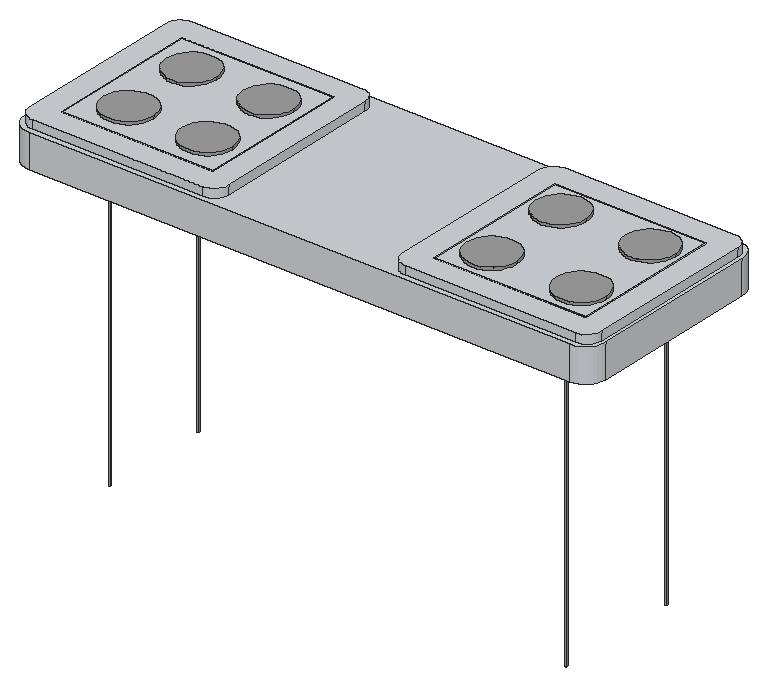
Revit family "Lighting-Industrial-GEWISS-SMART[4]HACCP_HIGHBAYS-LED_2M_DALI", category Apparecchi per illuminazione, Revit 2019
Family settings
  Quota connettore circolare = Usa diametro
  Tipo di parte = Normale
  Numero OmniClass = 23.80.70.00
  Titolo OmniClass = Lighting
  Basato su piano di lavoro = Sì
  Sempre verticale = No
  Taglio con vuoti quando caricato = No
  Sorgente d'illuminazione = No
  Condiviso = No
  Punto di calcolo locali = No
Parameters (values of type "GWS4221HQ857 - SMART4HB 2M ST.AL.DALI HACCP ELL.57K")
  Wiring = "With GW connect watertight connector"
  Weight (kg): = "6,5"
  Warranty = "5 years"
  Voltaggio = 230 V
  Version file RFA = "20.11"
  Unique digital code (Datamatrix) = "Datamatrix"
  Unified Glare Rating = "-"
  URL = "https://www.gewiss.com/ww/en"
  Type of light source = "LED - Not replaceable"
  Tilt- = "With bracket accessory"
  Technical sheet = "https://www.gewiss.com/ww/en/search?q=GWS4221HQ857"
  System power = "125W"
  Supply voltage = "220 - 240 V"
  Stocking temperature = "-40 +70 °C"
  Standards and approvals = "-"
  Standard- = "EN 60598-1 ; EN 60598-2-1 ; EN 60598-2-24"
  Standard Deviation Colour Matching = "SDCM = 3"
  Spostamento_y_etichetta [instance] = 0 mm
  Spostamento_y_effettivo_etichetta [instance] = 1500 mm - Spostamento_y_etichetta  # 1500 mm
  Spostamento_x_etichetta [instance] = 0 mm
  Spostamento_X_effettivo_etichetta [instance] = 1500 mm - Spostamento_x_etichetta  # 1500 mm
  Shock resistance = "IK07"
  Shield type = "PMMA"
  SEO = "High bay"
  Realized by GEWISS S.p.A. = ""
  Rated frequency (Hz) = "50/60 Hz"
  Produttore = "GEWISS S.p.A."
  Photobiological Risk Class = "RG0"
  Overvoltage protection = "DM 6 kV / CM 10 kV"
  Optic and illuminating features = "-"
  Optic Maintenance = "Non-replaceable"
  Optic : = "Metallic PC reflector and PMMA lenses"
  Optic = "Elliptical"
  Operating temperature : = "-30 +50 °C"
  Offset etichetta W [instance] = 150 mm
  Mouting and installation = "Ceiling - Wallmounting - Suspension"
  Modello = "GWS4221HQ857"
  Maximum surface exposed to the wind : = "0,184 m²"
  Materials = "-"
  Luminaire = "LED Industrial Reflector "
  Lumen output (lm) = "16000"
  Locking Hook = "-"
  Lifetime = "L90B10 (Tq+25°C) = 100.000 h - L90B10 (Tq+50°C) = 50.000 h"
  Lampada = "LED"
  LED Maintenance = "Non-replaceable"
  Insulation class = "I"
  Installationa and maintenance = "-"
  Immagine tipo = GWL1311.jpg
  IPEA = "-"
  IP degree = "IP65"
  IFC.TypeObject = ""
  IFC.ExportType = ""
  IFC.ExportAs = ""
  IDT = "7d5106054cfa4eef80397f6cce8cd301"
  IDF = "439ecabb-9b28-40b0-99b0-2bf4cd2e42f0"
  Glow Wire Test : = "650 °C"
  General information = "-"
  Gasket = "anti-aging silicone"
  Fixing = "-"
  External screw = "Stainless steel"
  Etichetta wattaggio [instance] = yes
  Trasformatore = none
  Struttura plafoniera = none
  Spessore plafoniera = 40 mm  # constant formula
  Default Elevation = 1219.2 mm  # constant formula
  Proiettsmart2_simb [instance] = yes
  Plafoniera bidimensionale [instance] = not(Proiettsmart2_simb)  # no
  Eletrical and lighting features = "-"
  Electrocod = "2444"
  Efficiency (lm/W) = "128"
  Driver Box = "Built-in"
  Driver = "Included"
  Device with reduced surface temperature = "Yes"
  Descrizione = "SMART[4]HB 2M ST.AL.DALI HACCP ELL.57K"
  DIN 18032-3 certification = "-"
  Control System : = "DALI"
  Control System = "1 x DALI DT6"
  Context = "Lighting of logistical and industrial food productive premises"
  Commenti sul wattaggio = "97W"
  Colour temperature = "5700K"
  Colour : = "Grey RAL 7035"
  Colour = "Grey RAL 7035"
  Color Rendering Index = "CRI-80"
  Classificazione = Lighting
  Classification: = "-"
  Catalogue = "LIGHTING"
  Carico apparente = 97 VA
  Motore = none
  Mascherina = none
  Lunghezza = 699 mm  # constant formula
  Larghezza = 254 mm  # constant formula
  Distanza_tot_plafoniera [instance] = 350 mm
  Dist_sorg_lum = 10 mm  # constant formula
  COBie.Tagnumber = ""
  COBie.CreatedOn = ""
  COBie.CreatebBy = ""
  COBie.ComponentRegisterItemID = ""
  COBie.Component.TagNumber = ""
  COBie.Component.Space = ""
  COBie.Component.SerialNumber = ""
  COBie.Component.InstallationDate = ""
  COBie.Component.Description = ""
  COBie.Component.BarCode = ""
  Body = "PA6 \"Halogen Free\" loaded fibreglass"
  Application = "Internal"
Types (12, lengths in mm): name | Unified Glare Rating | Technical sheet | SEO | Optic : | Optic | Modello | Lumen output (lm) | IDT | Efficiency (lm/W) | Descrizione | Colour temperature
  GWS4221HA840 - SMART4HB 2M ST.AL.DALI HACCP ARR.40K | "-" | "https://www.gewiss.com/ww/en/search?q=GWS4221HA840" | "" | "Metallized polycarbonate reflector" | "Array" | "GWS4221HA840" | "18000" | "e30d837cfd0e4d15882772b89dad54bb" | "144" | "SMART[4]HB 2M ST.AL.DALI HACCP ARR.40K" | "4000K"
  GWS4221HA857 - SMART4HB 2M ST.AL.DALI HACCP ARR.57K | "-" | "https://www.gewiss.com/ww/en/search?q=GWS4221HA857" | "" | "Metallized polycarbonate reflector" | "Array" | "GWS4221HA857" | "18000" | "c95bac9ec8dc47b6a4e4a8a1bb66e7ca" | "144" | "SMART[4]HB 2M ST.AL.DALI HACCP ARR.57K" | "5700K"
  GWS4221HC840 - SMART4HB 2M ST.AL.DALI HACCP ASI.40K | "-" | "https://www.gewiss.com/ww/en/search?q=GWS4221HC840" | "High bay" | "Metallic PC reflector and PMMA lenses" | "Asymmetrical" | "GWS4221HC840" | "16000" | "c45cc6731da044f98a9e028ac9b02b34" | "128" | "SMART[4]HB 2M ST.AL.DALI HACCP ASI.40K" | "4000K"
  GWS4221HC857 - SMART4HB 2M ST.AL.DALI HACCP ASI.57K | "-" | "https://www.gewiss.com/ww/en/search?q=GWS4221HC857" | "High bay" | "Metallic PC reflector and PMMA lenses" | "Asymmetrical" | "GWS4221HC857" | "16000" | "4eac705f472943f2867cfaae384594de" | "128" | "SMART[4]HB 2M ST.AL.DALI HACCP ASI.57K" | "5700K"
  GWS4221HF840 - SMART4HB 2M ST.AL.DALI HACCP 30° 40K | "UGR - 19" | "https://www.gewiss.com/ww/en/search?q=GWS4221HF840" | "" | "Metallic PC reflector and PMMA lenses" | "30°" | "GWS4221HF840" | "17600" | "c9c9f180ebac49d9937d1f6da622c7b8" | "141" | "SMART[4]HB 2M ST.AL.DALI HACCP 30° 40K" | "4000K"
  GWS4221HF857 - SMART4HB 2M ST.AL.DALI HACCP 30° 57K | "UGR - 19" | "https://www.gewiss.com/ww/en/search?q=GWS4221HF857" | "" | "Metallic PC reflector and PMMA lenses" | "30°" | "GWS4221HF857" | "17600" | "eadd7321507a4953bc48d61854828d81" | "141" | "SMART[4]HB 2M ST.AL.DALI HACCP 30° 57K" | "5700K"
  GWS4221HH840 - SMART4HB 2M ST.AL.DALI HACCP 60° 40K | "UGR - 22" | "https://www.gewiss.com/ww/en/search?q=GWS4221HH840" | "" | "Metallic PC reflector and PMMA lenses" | "60°" | "GWS4221HH840" | "17700" | "863b2e9731ed4d29b9f0fdc8f450deef" | "142" | "SMART[4]HB 2M ST.AL.DALI HACCP 60° 40K" | "4000K"
  GWS4221HH857 - SMART4HB 2M ST.AL.DALI HACCP 60° 57K | "UGR - 22" | "https://www.gewiss.com/ww/en/search?q=GWS4221HH857" | "" | "Metallic PC reflector and PMMA lenses" | "60°" | "GWS4221HH857" | "17700" | "126ea5b17bf74ce49efbad90acfb1c6c" | "142" | "SMART[4]HB 2M ST.AL.DALI HACCP 60° 57K" | "5700K"
  GWS4221HP840 - SMART4HB 2M ST.AL.DALI HACCP 90° 40K | "UGR - 25" | "https://www.gewiss.com/ww/en/search?q=GWS4221HP840" | "" | "Metallic PC reflector and PMMA lenses" | "90°" | "GWS4221HP840" | "18000" | "d82b0bb9246f41369261402105558115" | "144" | "SMART[4]HB 2M ST.AL.DALI HACCP 90° 40K" | "4000K"
  GWS4221HP857 - SMART4HB 2M ST.AL.DALI HACCP 90° 57K | "UGR - 25" | "https://www.gewiss.com/ww/en/search?q=GWS4221HP857" | "" | "Metallic PC reflector and PMMA lenses" | "90°" | "GWS4221HP857" | "18000" | "919626eb6ec74e32b98b29975c90b37f" | "144" | "SMART[4]HB 2M ST.AL.DALI HACCP 90° 57K" | "5700K"
  GWS4221HQ840 - SMART4HB 2M ST.AL.DALI HACCP ELL.40K | "-" | "https://www.gewiss.com/ww/en/search?q=GWS4221HQ840" | "High bay" | "Metallic PC reflector and PMMA lenses" | "Elliptical" | "GWS4221HQ840" | "16000" | "03fcb56f86634e3cbd4712405ea70b25" | "128" | "SMART[4]HB 2M ST.AL.DALI HACCP ELL.40K" | "4000K"
  GWS4221HQ857 - SMART4HB 2M ST.AL.DALI HACCP ELL.57K | "-" | "https://www.gewiss.com/ww/en/search?q=GWS4221HQ857" | "High bay" | "Metallic PC reflector and PMMA lenses" | "Elliptical" | "GWS4221HQ857" | "16000" | "7d5106054cfa4eef80397f6cce8cd301" | "128" | "SMART[4]HB 2M ST.AL.DALI HACCP ELL.57K" | "5700K"
Reference planes
  plane 1 "Asse sorgente illuminazione (F/B)": y = 0
  plane 2: z = 0
  plane 3 "Asse sorgente illuminazione (L/R)": x = 0
  plane 4 "Prospetto sorgente di illuminazione": z = 1500
  plane 5: x = -349.5
  plane 6: y = 127
  plane 7: x = 349.5
  plane 8: y = -127
  plane 9: x = 344.5
  plane 10: x = -344.5
  plane 11: x = -104.5
  plane 12: x = 104.5
  plane 13: y = -1500
  plane 14: z = 390
  plane 15: z = 390
  plane 16: z = 400
  plane 17: z = 350
  plane 18: y = 0
  plane 19: x = -1500
  plane 20: x = 0
Dimensions and locks
  equal spacing: plane 6, plane 1 "Asse sorgente illuminazione (F/B)", plane 8
  "Larghezza": plane 6 to plane 8
  equal spacing: plane 5, plane 3 "Asse sorgente illuminazione (L/R)", plane 7
  "Lunghezza": plane 5 to plane 7
  locked: plane 5 to plane 10 at 5
  locked: plane 9 to plane 7 at 5
  locked: plane 16 to plane 14 at 10
  locked: plane 15 to plane 17 at 40
  "Distanza_tot_plafoniera": plane 17 to plane 2
  plane 1 "Asse sorgente illuminazione (F/B)" to plane 13 = 1500 mm
  "Spostamento_y_effettivo_etichetta": plane 18 to plane 13
  plane 19 to plane 3 "Asse sorgente illuminazione (L/R)" = 1500 mm
  "Spostamento_X_effettivo_etichetta": plane 19 to plane 20
  aligned and locked: level to plane 2
  aligned and locked: nested 15 to plane 14
  aligned and locked: plane 14 to nested 16
  aligned and locked: plane 16 to nested 8
  aligned and locked: nested 6 to plane 16
  aligned and locked: plane 16 to nested 7
  aligned and locked: nested 5 to plane 16
  aligned and locked: nested 3 to plane 16
  aligned and locked: plane 16 to nested 1
  aligned and locked: nested 4 to plane 16
  aligned and locked: plane 16 to nested 2
  aligned and locked: nested 11 to plane 2  (x2)
  aligned and locked: nested 10 to plane 2
  aligned and locked: nested 9 to plane 2
  aligned and locked: plane 14 to plane 15
  aligned and locked: plane 17 to nested 14
  aligned and locked: nested 17 to plane 18
  aligned and locked: nested 17 to plane 20
  aligned and locked: plane 2 to nested 18
  aligned and locked: plane 2 to nested 11
Nested families
  nested 1: "Gewis - Led" at (171.717, 52, 403), type "Gewis - Led", detail levels medium+fine
  nested 2: "Gewis - Led" at (279.5, 52, 403), type "Gewis - Led", detail levels medium+fine
  nested 3: "Gewis - Led" at (171.717, -52, 403), type "Gewis - Led", detail levels medium+fine
  nested 4: "Gewis - Led" at (279.5, -52, 403), type "Gewis - Led", detail levels medium+fine
  nested 5: "Gewis - Led" at (-174.5, 45, 403) x (-1, 0, 0) z (0, 0, 1), type "Gewis - Led", detail levels medium+fine
  nested 6: "Gewis - Led" at (-269.5, 47.625, 403) x (-1, 0, 0) z (0, 0, 1), type "Gewis - Led", detail levels medium+fine
  nested 7: "Gewis - Led" at (-174.5, -47.089, 403) x (-1, 0, 0) z (0, 0, 1), type "Gewis - Led", detail levels medium+fine
  nested 8: "Gewis - Led" at (-269.5, -47.089, 403) x (-1, 0, 0) z (0, 0, 1), type "Gewis - Led", detail levels medium+fine
  nested 9: "Sospensione_ SMART LAB 4" at (274.838, 81.5, 0), Altezza sospensione <- "Distanza_tot_plafoniera", type "Sospensione_ SMART LAB 4"
    with Altezza sospensione 350 mm, Default Elevation 350 mm
  nested 10: "Sospensione_ SMART LAB 4" at (274.838, -69, 0), Altezza sospensione <- "Distanza_tot_plafoniera", type "Sospensione_ SMART LAB 4"
    with Altezza sospensione 350 mm, Default Elevation 350 mm
  nested 11: "Sospensione_ SMART LAB 4" at (-276.662, -66.5, 0), Altezza sospensione <- "Distanza_tot_plafoniera", type "Sospensione_ SMART LAB 4"
    with Altezza sospensione 350 mm, Default Elevation 350 mm
  nested 12: "PROIETTSMART - 2" at (0, 0, 0), visible <- "Proiettsmart2_simb", type "PROIETTSMART - 2"
  nested 13: "Rappr_ bidimensionale_SMART (4)  4 + 4 L " at (0, 0, 0), visible <- "Plafoniera bidimensionale", type "SMART (4)  4 + 4 L_bidimensionale "
  nested 14: "Struttura_SMART 4" at (0, 0, 390), type "SMART 4 HB - 4+4L"
  nested 15: "mascherina_SMART (4)" at (-224.5, 0, 400) x (-1, 0, 0) z (0, 0, 1), type "Maschera_smart (4) 4L", detail levels fine
  nested 16: "mascherina_SMART (4)" at (224.5, 0, 400), type "Maschera_smart (4) 4L", detail levels fine
  nested 17: "ETICHETTA LIGHT" at (0, 0, 0), type "ETICHETTA LIGHT"
  nested 18: "Sospensione_ SMART LAB 4" at (-276.662, 66.5, 0), Altezza sospensione <- "Distanza_tot_plafoniera", type "Sospensione_ SMART LAB 4"
    with Altezza sospensione 350 mm, Default Elevation 350 mm
Connectors
  electrical at (0.009, -0.098, 350), driven by "Carico apparente"
    settings: on nested 14, index 1, voltage 230 V, apparent load 0 VA, apparent load phase1 97 VA, apparent load phase2 0 VA, apparent load phase3 0 VA, power factor 1, load classification "Lighting", number of poles 2, system type 31, power factor state 1, is connector primary yes, connector utility no, sub classification motor no, connector description ""
Definition of nested family "Gewis - Led"
  Parameters (values of type "Gewis - Led")
    Vetro = none
    Raggio led = 30 mm
    Default Elevation = 1219.2 mm
    Estensione vetro = 3 mm
  Reference planes
    plane 1 "Centro (Fronte/Retro)": y = 0
    plane 2: z = 0
    plane 3 "Centro (Sinistra/Destra)": x = 0
  Forms (mm)
    Extrusion 1, solid, material <- "Vetro"
      sketch origin (0, 0, 0) x (1, 0, 0) y (0, 1, 0)
        loop
          circle (0, 0) r 30
      from -3 to 0
  Dimensions and locks
    "Estensione vetro": level to Extrusion 1
    "Raggio led": radius of Extrusion 1 sketch curve
    aligned and locked: level to plane 2
    aligned and locked: level to Extrusion 1
  Automatic sketch dimensions
    plane 1 "Centro (Fronte/Retro)" to Extrusion 1 sketch curve = 0 mm
    Extrusion 1 sketch curve to plane 3 "Centro (Sinistra/Destra)" = 0 mm
Definition of nested family "Sospensione_ SMART LAB 4"
  Parameters (values of type "Sospensione_ SMART LAB 4")
    Default Elevation = 400 mm
    Altezza sospensione [instance] = 500 mm
  Reference planes
    plane 1 "Center (Front/Back)": y = 0
    plane 2: z = 0
    plane 3 "Center (Left/Right)": x = 0
    plane 4: z = 500
    plane 5: z = 30.7
  Forms (mm)
    Extrusion 1, solid
      sketch origin (0, 0, 0) x (1, 0, 0) y (0, 1, 0)
        loop
          circle (0, -0.028) r 1.25
      from 0 to 500
  Lines and regions (mm)
    model lines, not visible
      curve 1: line (0, 0, 0) -> (0, 0, 9.482)
  Dimensions and locks
    "Altezza sospensione": plane 4 to level
    plane 2 to plane 4 = 500 mm
    aligned and locked: level to plane 2
    aligned and locked: Extrusion 1 to plane 2
    aligned and locked: plane 4 to Extrusion 1
  Automatic sketch dimensions
    Extrusion 1 sketch curve to plane 3 "Center (Left/Right)" = 0 mm
    plane 1 "Center (Front/Back)" to Extrusion 1 sketch curve = 0.028 mm
    curve 1 to plane 3 "Center (Left/Right)" = 0 mm
    curve 1 to level = 0 mm
    curve 1 to curve 1 = 9.482 mm
    radius of Extrusion 1 sketch curve = 1.25 mm
Definition of nested family "Struttura_SMART 4"
  Parameters (values of type "SMART 4 HB - 4+4L")
    Struttura plafoniera = none
    Spessore_plafoniera = 40 mm
    Lunghezza = 699 mm
    Larghezza = 254 mm
  Types (2, lengths in mm): name | Lunghezza | Larghezza
    SMART Lab (4) 4L | 383 | 253
    SMART 4 HB - 4+4L | 699 | 254
  Reference planes
    plane 1 "Asse sorgente illuminazione (F/B)": y = 0
    plane 2: z = 0
    plane 3 "Asse sorgente illuminazione (L/R)": x = 0
    plane 4 "Prospetto sorgente di illuminazione": z = -40
    plane 5 "SX": x = -349.5
    plane 6 "DX": x = 349.5
    plane 7 "DIETRO": y = 127
    plane 8 "AVANTI": y = -127
    plane 9: x = 106.5
    plane 10: x = 338.5
    plane 11: y = -116
    plane 12: y = 116
    plane 13: x = -338.5
    plane 14: x = -106.5
  Forms (mm)
    Extrusion 1, solid, material <- "Struttura plafoniera"
      sketch origin (0, 0, 0) x (1, 0, 0) y (0, 1, 0)
        loop
          line (349.5, -102.595) -> (349.5, 102.59)
          arc (349.5, 102.59) -> (342.35, 119.85) -> (325.09, 127) r 24.41
          line (325.09, 127) -> (-325.009, 127)
          arc (-325.009, 127) -> (-342.554, 119.6) -> (-349.5, 101.871) r 24.499
          line (-349.5, 101.871) -> (-349.5, -102.592)
          arc (-349.5, -102.592) -> (-342.351, -119.851) -> (-325.092, -127) r 24.408
          line (-325.092, -127) -> (325.117, -127)
          arc (325.117, -127) -> (342.334, -119.868) -> (349.465, -102.652) r 24.348
      from -40 to 0
  Dimensions and locks
    equal spacing: plane 5 "SX", plane 3 "Asse sorgente illuminazione (L/R)", plane 6 "DX"
    equal spacing: plane 7 "DIETRO", plane 1 "Asse sorgente illuminazione (F/B)", plane 8 "AVANTI"
    "Lunghezza": plane 5 "SX" to plane 6 "DX"
    "Larghezza": plane 7 "DIETRO" to plane 8 "AVANTI"
    locked: plane 7 "DIETRO" to plane 12 at 11
    locked: plane 11 to plane 8 "AVANTI" at 11
    locked: plane 10 to plane 6 "DX" at 11
    locked: plane 9 to plane 10 at 232
    plane 13 to plane 14 = 232 mm
    locked: plane 5 "SX" to plane 13 at 11
    "Spessore_plafoniera": plane 2 to plane 4 "Prospetto sorgente di illuminazione"
    aligned and locked: level to plane 2
    aligned and locked: Extrusion 1 to plane 5 "SX"
    aligned and locked: Extrusion 1 to plane 8 "AVANTI"  (x2)
    aligned and locked: plane 7 "DIETRO" to Extrusion 1
    aligned and locked: plane 6 "DX" to Extrusion 1
    aligned and locked: plane 4 "Prospetto sorgente di illuminazione" to Extrusion 1
    aligned and locked: plane 2 to Extrusion 1
  Automatic sketch dimensions
    Extrusion 1 sketch curve to plane 5 "SX" = 0 mm
    Extrusion 1 sketch curve to plane 8 "AVANTI" = 0 mm
    Extrusion 1 sketch curve to plane 7 "DIETRO" = 0 mm
    Extrusion 1 sketch curve to plane 6 "DX" = 0 mm
    plane 13 to Extrusion 1 sketch curve = 13.408 mm
    plane 13 to Extrusion 1 sketch curve = 13.491 mm
    Extrusion 1 sketch curve to plane 10 = 13.41 mm
    Extrusion 1 sketch curve to plane 10 = 13.383 mm
    plane 11 to Extrusion 1 sketch curve = 13.348 mm
    Extrusion 1 sketch curve to plane 12 = 14.129 mm
    Extrusion 1 sketch curve to Extrusion 1 sketch curve = 0.056 mm
Definition of nested family "mascherina_SMART (4)"
  Parameters (values of type "Maschera_smart (4) 4L")
    Spessore_mascherina = 10 mm
    Default Elevation = 1219.2 mm
    N.intarsi = (Lunghezza_mascherina - (Bordo * 2)) / 15 mm  # 12
    N._intarsi verticale = (Larghezza_mascherina - (Bordo * 2)) / 17 mm  # 11
    Mascherina = none
    Lunghezza_mascherina = 240 mm
    Larghezza_mascherina = 240 mm
    Distanza_intarsi v. = 41 mm  # constant formula
    Distanza_intarsi = 37 mm  # constant formula
    Bordo = 29 mm
  Reference planes
    plane 1 "Centro (Fronte/Retro)": y = 0
    plane 2: z = 0
    plane 3 "Centro (Sinistra/Destra)": x = 0
    plane 4: x = -120
    plane 5 "Dietro": y = 120
    plane 6: x = 120
    plane 7: y = -120
    plane 8: x = -91
    plane 9: y = -91
    plane 10: x = 91
    plane 11: y = 91
    plane 12: x = -83
    plane 13: y = 94.742
    plane 14: y = -95
    plane 15: z = -10
    plane 16: x = -95
    plane 17: y = 79
    plane 18: y = -79
    plane 19: x = 95
    plane 20: z = -4.799
  Forms (mm)
    Extrusion 1, solid, material <- "Mascherina"
      sketch origin (0, 0, 0) x (1, 0, 0) y (0, 1, 0)
        loop
          arc (-102.5, 120) -> (-114.874, 114.874) -> (-120, 102.5) r 17.5
          line (-120, 102.5) -> (-120, -102.5)
          arc (-120, -102.5) -> (-114.874, -114.874) -> (-102.5, -120) r 17.5
          line (-102.5, -120) -> (102.5, -120)
          arc (102.5, -120) -> (114.874, -114.874) -> (120, -102.5) r 17.5
          line (120, -102.5) -> (120, 102.5)
          arc (120, 102.5) -> (114.874, 114.874) -> (102.5, 120) r 17.5
          line (102.5, 120) -> (-102.5, 120)
        loop
          line (-91, 91) -> (-91, -91) -> (91, -91) -> (91, 91) -> (-91, 91)
      from -10 to 0
    Extrusion 2, solid, material <- "Mascherina"
      sketch origin (0, 0, 0) x (1, 0, 0) y (0, 1, 0)
        loop
          line (-91, 91) -> (-91, -91) -> (91, -91) -> (91, 91) -> (-91, 91)
      from -4.799 to 0
  Dimensions and locks
    equal spacing: plane 4, plane 3 "Centro (Sinistra/Destra)", plane 6
    "Lunghezza_mascherina": plane 4 to plane 6
    equal spacing: plane 5 "Dietro", plane 1 "Centro (Fronte/Retro)", plane 7
    "Larghezza_mascherina": plane 5 "Dietro" to plane 7
    "Bordo": plane 4 to plane 8
    "Bordo": plane 9 to plane 7
    "Bordo": plane 5 "Dietro" to plane 11
    "Bordo": plane 10 to plane 6
    "Distanza_intarsi": plane 4 to plane 12
    locked: plane 13 to plane 11 at 3.742
    "Spessore_mascherina": plane 2 to plane 15
    "Distanza_intarsi v.": plane 5 "Dietro" to plane 17
    "Distanza_intarsi v.": plane 18 to plane 7
    locked: plane 9 to plane 14 at 4
    locked: plane 16 to plane 8 at 4
    locked: plane 10 to plane 19 at 4
    locked: plane 2 to plane 20 at 4.799
    radius of Extrusion 1 sketch curve = 17.5 mm  (x4)
    aligned and locked: level to plane 2
    aligned and locked: plane 4 to Extrusion 1 sketch curve
    aligned and locked: plane 6 to Extrusion 1 sketch curve
    aligned and locked: Extrusion 1 sketch curve to plane 5 "Dietro"
    aligned and locked: Extrusion 1 sketch curve to plane 7
    aligned and locked: Extrusion 1 sketch curve to plane 11
    aligned and locked: plane 8 to Extrusion 1 sketch curve
    aligned and locked: plane 9 to Extrusion 1 sketch curve
    aligned and locked: Extrusion 1 sketch curve to plane 10
    aligned and locked: plane 2 to Extrusion 1
    aligned and locked: Extrusion 1 to plane 15
    aligned and locked: Extrusion 2 sketch curve to plane 10
    aligned and locked: plane 9 to Extrusion 2 sketch curve
    aligned and locked: plane 8 to Extrusion 2 sketch curve
    aligned and locked: Extrusion 2 sketch curve to plane 11
    aligned and locked: plane 2 to Extrusion 2
    aligned and locked: Extrusion 2 to plane 20
Definition of nested family "PROIETTSMART - 2"
  Reference planes
    plane 1 "Centro (Fronte/Retro)": y = 0
    plane 2: z = 0
    plane 3 "Centro (Sinistra/Destra)": x = 0
  Lines and regions (mm)
    model lines, in view "Livello rif."
      curve 1: line (87.132, -21.515, 0) -> (43.932, -0.008, 0)
      curve 2: line (43.932, -0.008, 0) -> (87.132, 21.758, 0)
      curve 3: line (87.132, 21.758, 0) -> (87.132, -21.515, 0)
      curve 4: line (43.932, 21.629, 0) -> (43.932, -21.645, 0)
      curve 5: line (43.932, -0.008, 0) -> (18.672, -0.008, 0)
      curve 6: line (87.132, 0.122, 0) -> (105.785, 0.122, 0)
      curve 7: line (128.701, 66.747, 0) -> (128.701, -66.747, 0)
      curve 8: line (128.701, -66.747, 0) -> (-131.299, -66.747, 0)
      curve 9: line (-131.299, -66.747, 0) -> (-131.299, 66.747, 0)
      curve 10: line (-131.299, 66.747, 0) -> (128.701, 66.747, 0)
      curve 11: line (12.311, 49.667, 0) -> (111.66, 49.667, 0)
      curve 12: line (111.66, 49.667, 0) -> (111.66, -49.683, 0)
      curve 13: line (111.66, -49.683, 0) -> (12.311, -49.683, 0)
      curve 14: line (12.311, -49.683, 0) -> (12.311, 49.667, 0)
      curve 15: line (-39.438, -21.515, 0) -> (-82.637, -0.008, 0)
      curve 16: line (-82.637, -0.008, 0) -> (-39.438, 21.758, 0)
      curve 17: line (-39.438, 21.758, 0) -> (-39.438, -21.515, 0)
      curve 18: line (-82.637, 21.629, 0) -> (-82.637, -21.645, 0)
      curve 19: line (-82.637, -0.008, 0) -> (-107.898, -0.008, 0)
      curve 20: line (-39.438, 0.122, 0) -> (-20.785, 0.122, 0)
      curve 21: line (-114.259, 49.667, 0) -> (-14.909, 49.667, 0)
      curve 22: line (-14.909, 49.667, 0) -> (-14.909, -49.683, 0)
      curve 23: line (-14.909, -49.683, 0) -> (-114.259, -49.683, 0)
      curve 24: line (-114.259, -49.683, 0) -> (-114.259, 49.667, 0)
Definition of nested family "Rappr_ bidimensionale_SMART (4)  4 + 4 L "
  Reference planes
    plane 1 "Centro (Fronte/Retro)": y = 0
    plane 2: z = 0
    plane 3 "Centro (Sinistra/Destra)": x = 0
  Lines and regions (mm)
    model lines, in view "Livello rif."
      curve 1: circle (175.602, 47.039, 0) r 28.619 normal (0, 0, 1)
      curve 2: circle (269.602, -46.961, 0) r 28.619 normal (0, 0, 1)
      curve 3: circle (175.602, -46.961, 0) r 28.619 normal (0, 0, 1)
      curve 4: circle (269.602, 47.039, 0) r 28.619 normal (0, 0, 1)
      curve 5: arc (103.203, -104.051, 0) -> (107.722, -114.924, 0) -> (118.601, -119.425, 0) r 15.398
      curve 6: arc (-118.547, -119.425, 0) -> (-107.659, -114.915, 0) -> (-103.149, -104.027, 0) r 15.398
      curve 7: arc (-103.149, 103.973, 0) -> (-107.668, 114.87, 0) -> (-118.571, 119.371, 0) r 15.398
      curve 8: arc (-326.571, 119.371, 0) -> (-337.453, 114.844, 0) -> (-341.945, 103.948, 0) r 15.398
      curve 9: arc (-341.945, -104.002, 0) -> (-337.444, -114.906, 0) -> (-326.547, -119.425, 0) r 15.398
      curve 10: arc (326.601, -119.425, 0) -> (337.498, -114.906, 0) -> (342, -104.002, 0) r 15.398
      curve 11: arc (342, 103.998, 0) -> (337.472, 114.878, 0) -> (326.577, 119.371, 0) r 15.398
      curve 12: arc (118.577, 119.371, 0) -> (107.713, 114.861, 0) -> (103.203, 103.997, 0) r 15.398
      curve 13: arc (-349.401, -104, 0) -> (-342.727, -120.168, 0) -> (-326.575, -126.881, 0) r 22.854
      curve 14: arc (-326.574, 126.827, 0) -> (-342.707, 120.133, 0) -> (-349.401, 104, 0) r 22.854
      curve 15: arc (349.455, 104, 0) -> (342.742, 120.152, 0) -> (326.574, 126.827, 0) r 22.854
      curve 16: arc (326.573, -126.881, 0) -> (342.761, -120.187, 0) -> (349.455, -104, 0) r 22.854
      curve 17: circle (-175.548, -47.093, 0) r 28.619 normal (0, 0, 1)
      curve 18: circle (-269.548, 46.907, 0) r 28.619 normal (0, 0, 1)
      curve 19: circle (-175.548, 46.907, 0) r 28.619 normal (0, 0, 1)
      curve 20: circle (-269.548, -47.093, 0) r 28.619 normal (0, 0, 1)
      curve 21: line (130.101, -92.527, 0) -> (130.101, 92.473, 0)
      curve 22: line (130.101, 92.473, 0) -> (315.101, 92.473, 0)
      curve 23: line (315.101, 92.473, 0) -> (315.101, -92.527, 0)
      curve 24: line (315.101, -92.527, 0) -> (130.101, -92.527, 0)
      curve 25: line (103.203, -104.051, 0) -> (103.203, 103.997, 0)
      curve 26: line (118.601, -119.425, 0) -> (326.601, -119.425, 0)
      curve 27: line (-326.547, -119.425, 0) -> (-118.547, -119.425, 0)
      curve 28: line (-103.149, -104.027, 0) -> (-103.149, 103.973, 0)
      curve 29: line (-326.571, 119.371, 0) -> (-118.571, 119.371, 0)
      curve 30: line (-341.945, -104.002, 0) -> (-341.945, 103.948, 0)
      curve 31: line (342, -104.002, 0) -> (342, 103.998, 0)
      curve 32: line (118.577, 119.371, 0) -> (326.577, 119.371, 0)
      curve 33: line (-349.401, -104, 0) -> (-349.401, 104, 0)
      curve 34: line (326.574, 126.827, 0) -> (-326.574, 126.827, 0)
      curve 35: line (349.455, -104, 0) -> (349.455, 104, 0)
      curve 36: line (326.573, -126.881, 0) -> (-326.575, -126.881, 0)
      curve 37: line (-130.047, -92.527, 0) -> (-315.047, -92.527, 0)
      curve 38: line (-315.047, -92.527, 0) -> (-315.047, 92.473, 0)
      curve 39: line (-315.047, 92.473, 0) -> (-130.047, 92.473, 0)
      curve 40: line (-130.047, 92.473, 0) -> (-130.047, -92.527, 0)
Definition of nested family "ETICHETTA LIGHT"
  Parameters (values of type "ETICHETTA LIGHT")
    COMMENTI = "236W"
  Reference planes
    plane 1: y = 0
    plane 2: x = 0
  Text (mm)
    label "COMMENTI" at (-0.057, 0.105, 0), shows "COMMENTI"
